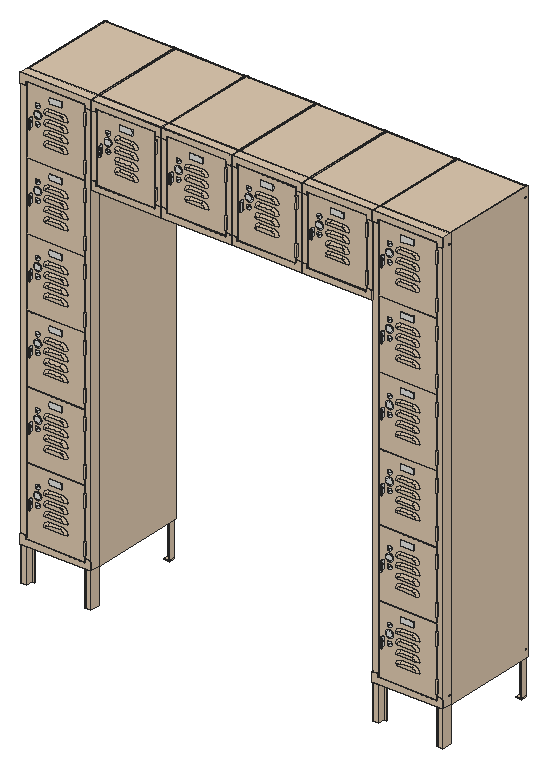
Revit family "Metal_Lockers-Salsbury_Industries-66000_Series-Bridge_Unit", category Specialty Equipment, Revit 2016 (continued)
Dimensions and locks (in)
  aligned and locked: Sweep 54 sketch curve to plane 18 "Back Edge of Front Facing"
  aligned and locked: plane 113 to Sweep 54 sketch curve
  aligned and locked: plane 114 to Sweep 54 sketch curve
  aligned and locked: plane 87 to Sweep 54 sketch curve
  aligned and locked: Sweep 54 sketch curve to plane 88
  aligned and locked: plane 108 to Sweep 54 sketch curve
  aligned and locked: Extrusion 45 sketch curve to plane 71
  aligned and locked: plane 116 to Extrusion 45 sketch curve
  aligned and locked: plane 117 to Extrusion 45 sketch curve
  aligned and locked: plane 72 to Extrusion 45 sketch curve  (x2)
  aligned and locked: plane 18 "Back Edge of Front Facing" to Extrusion 45 sketch curve
  aligned and locked: Extrusion 45 sketch curve to plane 119
  aligned and locked: Extrusion 45 sketch curve to plane 120
  aligned and locked: plane 148 to Extrusion 45
  aligned and locked: plane 62 "Bottom of Door Opening-Horiztonal" to Extrusion 45
  aligned and locked: plane 71 to Sweep 44 sketch curve
  aligned and locked: plane 120 to Sweep 44 sketch curve
  aligned and locked: Sweep 44 sketch curve to plane 72  (x2)
  aligned and locked: plane 119 to Sweep 44 sketch curve
  aligned and locked: Sweep 44 sketch curve to plane 18 "Back Edge of Front Facing"
  aligned and locked: Sweep 44 sketch curve to plane 116  (x2)
  aligned and locked: Sweep 44 sketch curve to plane 117
  aligned and locked: plane 148 to Sweep 44 sketch curve
  aligned and locked: Sweep 44 sketch curve to plane 149
  aligned and locked: plane 117 to Sweep 44 sketch curve
  aligned and locked: Extrusion 52 sketch curve to plane 71
  aligned and locked: Extrusion 52 sketch curve to plane 114
  aligned and locked: plane 72 to Extrusion 52 sketch curve  (x2)
  aligned and locked: Extrusion 52 sketch curve to plane 113
  aligned and locked: plane 18 "Back Edge of Front Facing" to Extrusion 52 sketch curve
  aligned and locked: plane 107 to Extrusion 52 sketch curve
  aligned and locked: plane 108 to Extrusion 52 sketch curve
  aligned and locked: plane 148 to Extrusion 52
  aligned and locked: plane 62 "Bottom of Door Opening-Horiztonal" to Extrusion 52
  aligned and locked: plane 71 to Sweep 51 sketch curve
  aligned and locked: Sweep 51 sketch curve to plane 108
  aligned and locked: Sweep 51 sketch curve to plane 72  (x2)
  aligned and locked: Sweep 51 sketch curve to plane 107  (x2)
  aligned and locked: Sweep 51 sketch curve to plane 18 "Back Edge of Front Facing"
  aligned and locked: plane 113 to Sweep 51 sketch curve
  aligned and locked: plane 114 to Sweep 51 sketch curve
  aligned and locked: plane 148 to Sweep 51 sketch curve
  aligned and locked: Sweep 51 sketch curve to plane 149
  aligned and locked: plane 108 to Sweep 51 sketch curve
  aligned and locked: plane 9 "Back of Unit" to curve 9
  aligned and locked: plane 18 "Back Edge of Front Facing" to curve 9
  aligned and locked: plane 18 "Back Edge of Front Facing" to curve 7
  aligned and locked: plane 9 "Back of Unit" to curve 7
  aligned and locked: plane 9 "Back of Unit" to curve 3
  aligned and locked: plane 18 "Back Edge of Front Facing" to curve 5
  aligned and locked: plane 9 "Back of Unit" to curve 5
  aligned and locked: plane 6 "Top of Unit" to curve 5
  aligned and locked: plane 61 "Bottom of Horizontal Section" to curve 8
  aligned and locked: plane 61 "Bottom of Horizontal Section" to curve 6
  aligned and locked: plane 6 "Top of Unit" to curve 6
  aligned and locked: plane 6 "Top of Unit" to curve 2
  aligned and locked: plane 61 "Bottom of Horizontal Section" to curve 2
  aligned and locked: plane 61 "Bottom of Horizontal Section" to curve 4
  aligned and locked: plane 6 "Top of Unit" to curve 4
  aligned and locked: curve 12 to plane 5 "Bottom of Unit"
  aligned and locked: plane 6 "Top of Unit" to curve 10
  aligned and locked: curve 16 to plane 5 "Bottom of Unit"
  aligned and locked: curve 15 to plane 52 "Left Side of Unit 2"
  aligned and locked: plane 8 "Right Side of Unit" to curve 17
  aligned and locked: plane 6 "Top of Unit" to curve 14
  aligned and locked: plane 51 "Right Side of Unit 1" to curve 18
  aligned and locked: plane 6 "Top of Unit" to curve 18
  aligned and locked: curve 19 to plane 61 "Bottom of Horizontal Section"
  aligned and locked: curve 22 to plane 139
  aligned and locked: plane 64 to curve 23
  aligned and locked: plane 80 to curve 20
  aligned and locked: curve 21 to plane 15 "Left Side of Door Opening"
  aligned and locked: plane 7 "Left Side of Unit" to curve 24
  aligned and locked: curve 24 to plane 79
  aligned and locked: curve 25 to Blend 17
  aligned and locked: plane 7 "Left Side of Unit" to curve 26
  aligned and locked: plane 15 "Left Side of Door Opening" to curve 28
  aligned and locked: curve 28 to plane 138
  aligned and locked: curve 29 to Blend 15
  aligned and locked: curve 32 to plane 138
  aligned and locked: plane 64 to curve 33
  aligned and locked: plane 79 to curve 33
  aligned and locked: plane 54 to curve 34
  aligned and locked: plane 51 "Right Side of Unit 1" to curve 34
  aligned and locked: curve 34 to plane 140
  aligned and locked: curve 36 to plane 54
  aligned and locked: plane 80 to curve 35
  aligned and locked: plane 62 "Bottom of Door Opening-Horiztonal" to curve 37
  aligned and locked: curve 38 to plane 150
  aligned and locked: curve 40 to plane 55
  aligned and locked: plane 80 to curve 39
  aligned and locked: plane 62 "Bottom of Door Opening-Horiztonal" to curve 41
  aligned and locked: curve 42 to plane 151
  aligned and locked: curve 44 to plane 57
  aligned and locked: plane 80 to curve 43
  aligned and locked: plane 62 "Bottom of Door Opening-Horiztonal" to curve 45
  aligned and locked: curve 46 to plane 152
  aligned and locked: plane 80 to curve 47
  aligned and locked: curve 48 to plane 59
  aligned and locked: plane 62 "Bottom of Door Opening-Horiztonal" to curve 49
  aligned and locked: curve 50 to plane 153
  aligned and locked: plane 55 to curve 51
  aligned and locked: plane 150 to curve 51
  aligned and locked: curve 51 to plane 140
  aligned and locked: curve 52 to plane 79
  aligned and locked: curve 53 to plane 151
  aligned and locked: curve 53 to plane 79
  aligned and locked: curve 54 to plane 140
  aligned and locked: curve 55 to plane 152
  aligned and locked: plane 59 to curve 55
  aligned and locked: curve 55 to plane 140
  aligned and locked: curve 56 to plane 79
  aligned and locked: plane 153 to curve 57
  aligned and locked: curve 57 to plane 140
  aligned and locked: plane 154 to curve 58
  aligned and locked: curve 58 to plane 79
  aligned and locked: plane 80 to curve 59
  aligned and locked: curve 61 to plane 86
  aligned and locked: plane 14 "Right Side of Door Opening" to curve 62
  aligned and locked: plane 14 "Right Side of Door Opening" to curve 63
  aligned and locked: plane 8 "Right Side of Unit" to curve 63
  aligned and locked: curve 63 to plane 85
  aligned and locked: curve 64 to plane 79
  aligned and locked: plane 52 "Left Side of Unit 2" to curve 65
  aligned and locked: curve 65 to plane 154
  aligned and locked: plane 85 to curve 65
  aligned and locked: curve 66 to plane 155
  aligned and locked: curve 67 to plane 156
  aligned and locked: curve 70 to plane 5 "Bottom of Unit"
  aligned and locked: plane 9 "Back of Unit" to curve 71
  aligned and locked: plane 6 "Top of Unit" to curve 68
  aligned and locked: curve 69 to plane 10 "Front of Unit"
  aligned and locked: plane 9 "Back of Unit" to curve 72
  aligned and locked: curve 73 to plane 7 "Left Side of Unit"
  aligned and locked: curve 74 to plane 19 "Front Plate Plane"
  aligned and locked: plane 8 "Right Side of Unit" to curve 75
  aligned and locked: curve 76 to Blend 16
  aligned and locked: curve 79 to Blend 15
  aligned and locked: curve 82 to Blend 11
  aligned and locked: curve 85 to Blend 13
  aligned and locked: plane 7 "Left Side of Unit" to curve 88
  aligned and locked: plane 8 "Right Side of Unit" to curve 88
  aligned and locked: plane 18 "Back Edge of Front Facing" to curve 3
  aligned and locked: plane 18 "Back Edge of Front Facing" to curve 89
  aligned and locked: plane 9 "Back of Unit" to curve 89
  aligned and locked: curve 89 to plane 51 "Right Side of Unit 1"
  aligned and locked: plane 4 "Floor" to nested 38
  aligned and locked: plane 10 "Front of Unit" to nested 38
  aligned and locked: plane 4 "Floor" to nested 39
  aligned and locked: plane 10 "Front of Unit" to nested 39
  aligned and locked: plane 7 "Left Side of Unit" to nested 38
  aligned and locked: nested 39 to plane 8 "Right Side of Unit"
  aligned and locked: plane 5 "Bottom of Unit" to nested 41
  aligned and locked: nested 41 to plane 9 "Back of Unit"
  aligned and locked: nested 41 to plane 8 "Right Side of Unit"
  aligned and locked: nested 40 to plane 51 "Right Side of Unit 1"
  aligned and locked: plane 5 "Bottom of Unit" to nested 40
  aligned and locked: plane 9 "Back of Unit" to nested 40
  aligned and locked: plane 5 "Bottom of Unit" to nested 42
  aligned and locked: plane 7 "Left Side of Unit" to nested 42
  aligned and locked: plane 9 "Back of Unit" to nested 42
  aligned and locked: plane 5 "Bottom of Unit" to nested 43
  aligned and locked: plane 52 "Left Side of Unit 2" to nested 43
  aligned and locked: plane 9 "Back of Unit" to nested 43
  aligned and locked: plane 2 to nested 44
  aligned and locked: plane 42 to nested 44
  aligned and locked: nested 44 to plane 18 "Back Edge of Front Facing"
  aligned and locked: plane 4 "Floor" to nested 45
  aligned and locked: nested 45 to plane 18 "Back Edge of Front Facing"
  aligned and locked: plane 41 to nested 45
Automatic sketch dimensions
  plane 20 "Horizontal Center of Top Rivets" to Extrusion 23 sketch curve = 0.02344"  (x4)
  Extrusion 23 sketch curve to Extrusion 23 sketch curve = 0.00009"
  Extrusion 23 sketch curve to Extrusion 23 sketch curve = 0.06851"
  plane 20 "Horizontal Center of Top Rivets" to Extrusion 25 sketch curve = 0.02344"  (x4)
  Extrusion 25 sketch curve to Extrusion 25 sketch curve = 0.00009"
  Extrusion 25 sketch curve to Extrusion 25 sketch curve = 0.06851"
  plane 18 "Back Edge of Front Facing" to Extrusion 39 sketch curve = 0.000"
  plane 8 "Right Side of Unit" to Extrusion 39 sketch curve = 0.12033"
  plane 22 "Vertical Center of Back Rivets" to Extrusion 39 sketch curve = 0.360"  (x2)
  Extrusion 39 sketch curve to plane 52 "Left Side of Unit 2" = 0.05967"
  plane 9 "Back of Unit" to Extrusion 39 sketch curve = 0.11781"
  Extrusion 39 sketch curve to Extrusion 39 sketch curve = 0.060"  (x2)
  Extrusion 73 sketch curve to plane 1 "Center (Front/Back)" = 0.000"
  Extrusion 73 sketch curve to plane 63 "Center or Coat Rod" = 0.000"
  Extrusion 72 sketch curve to plane 1 "Center (Front/Back)" = 0.000"
  Extrusion 72 sketch curve to plane 63 "Center or Coat Rod" = 0.000"
  plane 20 "Horizontal Center of Top Rivets" to Blend 17 sketch curve = 0.000"  (x2)
  Blend 17 sketch curve to plane 23 "Vertical Center of Front Rivets" = 0.000"  (x2)
  plane 20 "Horizontal Center of Top Rivets" to Extrusion 9 sketch curve = 0.02344"  (x4)
  Extrusion 9 sketch curve to Extrusion 9 sketch curve = 0.0686"
  plane 133 to Extrusion 9 sketch curve = 0.06851"
  plane 21 "Horiz Center of Bottom Rivets" to Extrusion 10 sketch curve = 0.02344"  (x4)
  Extrusion 10 sketch curve to Extrusion 10 sketch curve = 0.0686"
  Extrusion 10 sketch curve to plane 133 = 0.06851"
  plane 20 "Horizontal Center of Top Rivets" to Blend 11 sketch curve = 0.000"  (x2)
  Blend 11 sketch curve to plane 23 "Vertical Center of Front Rivets" = 0.000"  (x2)
  plane 21 "Horiz Center of Bottom Rivets" to Blend 12 sketch curve = 0.000"  (x2)
  Blend 12 sketch curve to plane 23 "Vertical Center of Front Rivets" = 0.000"  (x2)
  plane 21 "Horiz Center of Bottom Rivets" to Blend 15 sketch curve = 0.000"  (x2)
  Blend 15 sketch curve to plane 23 "Vertical Center of Front Rivets" = 0.000"  (x2)
  plane 19 "Front Plate Plane" to curve 1 = 0.000"
  plane 26 "Corner Filler Align-Left" to curve 1 = 22.500"
  curve 1 to plane 27 "Corner Filler Align-Right" = 21.25408"
  plane 20 "Horizontal Center of Top Rivets" to Extrusion 21 sketch curve = 0.02344"  (x4)
  Extrusion 21 sketch curve to Extrusion 21 sketch curve = 0.06851"
  plane 20 "Horizontal Center of Top Rivets" to Extrusion 27 sketch curve = 0.02344"  (x4)
  Extrusion 27 sketch curve to Extrusion 27 sketch curve = 0.00009"
  Extrusion 27 sketch curve to Extrusion 27 sketch curve = 0.06851"
  plane 20 "Horizontal Center of Top Rivets" to Extrusion 29 sketch curve = 0.02344"  (x4)
  Extrusion 29 sketch curve to Extrusion 29 sketch curve = 0.0686"
  Extrusion 29 sketch curve to plane 81 = 0.06851"
  Extrusion 30 sketch curve to plane 85 = 0.000"
  plane 21 "Horiz Center of Bottom Rivets" to Extrusion 30 sketch curve = 0.02344"  (x4)
  Extrusion 30 sketch curve to Extrusion 30 sketch curve = 0.0686"
  plane 81 to Extrusion 30 sketch curve = 0.06851"
  Extrusion 69 sketch curve to plane 1 "Center (Front/Back)" = 0.000"
  Extrusion 69 sketch curve to plane 63 "Center or Coat Rod" = 0.000"
  Extrusion 70 sketch curve to plane 1 "Center (Front/Back)" = 0.000"
  Extrusion 70 sketch curve to plane 63 "Center or Coat Rod" = 0.000"
  Extrusion 71 sketch curve to plane 1 "Center (Front/Back)" = 0.000"
  Extrusion 71 sketch curve to plane 63 "Center or Coat Rod" = 0.000"
  Extrusion 7 sketch curve to plane 105 = 0.000"
  plane 21 "Horiz Center of Bottom Rivets" to curve 31 = 0.05319"
  plane 85 to curve 29 = 0.03885"
  curve 27 to plane 79 = 0.03885"
  curve 25 to plane 20 "Horizontal Center of Top Rivets" = 0.05319"
  curve 31 to curve 29 = 0.13083"
  curve 30 to plane 85 = 0.09199"
  curve 27 to curve 24 = 0.09199"
  curve 25 to curve 26 = 0.13083"
  Blend 13 sketch curve to plane 21 "Horiz Center of Bottom Rivets" = 0.000"  (x2)
  Blend 13 sketch curve to plane 22 "Vertical Center of Back Rivets" = 0.000"  (x2)
  Blend 14 sketch curve to plane 20 "Horizontal Center of Top Rivets" = 0.000"  (x2)
  Blend 14 sketch curve to plane 22 "Vertical Center of Back Rivets" = 0.000"  (x2)
  plane 21 "Horiz Center of Bottom Rivets" to Blend 16 sketch curve = 0.000"  (x2)
  Blend 16 sketch curve to plane 22 "Vertical Center of Back Rivets" = 0.000"  (x2)
  plane 20 "Horizontal Center of Top Rivets" to Blend 18 sketch curve = 0.000"  (x2)
  Blend 18 sketch curve to plane 22 "Vertical Center of Back Rivets" = 0.000"  (x2)
  plane 49 "Vertical Divider 1 and 2" to curve 4 = 0.000"
  curve 2 to plane 3 "Center (Left/Right)" = 0.000"
  curve 6 to plane 6 "Top of Unit" = 0.000"
  plane 50 "Vertical Divider 2 and 3" to curve 6 = 0.000"
  plane 52 "Left Side of Unit 2" to curve 8 = 0.000"
  curve 8 to plane 61 "Bottom of Horizontal Section" = 0.000"
  curve 4 to plane 61 "Bottom of Horizontal Section" = 0.000"
  curve 6 to plane 61 "Bottom of Horizontal Section" = 0.000"
  curve 2 to plane 61 "Bottom of Horizontal Section" = 0.000"
  curve 4 to plane 6 "Top of Unit" = 0.000"
  curve 2 to plane 6 "Top of Unit" = 0.000"
  curve 8 to plane 6 "Top of Unit" = 0.02221"
  plane 69 "Compartment Align 1" to Extrusion 22 sketch curve = 0.02344"  (x4)
  Extrusion 22 sketch curve to Extrusion 22 sketch curve = 0.0686"
  Extrusion 22 sketch curve to plane 147 = 0.06851"
  plane 69 "Compartment Align 1" to Extrusion 24 sketch curve = 0.02344"  (x4)
  Extrusion 24 sketch curve to Extrusion 24 sketch curve = 0.0686"
  Extrusion 24 sketch curve to plane 142 = 0.06851"
  plane 69 "Compartment Align 1" to Extrusion 26 sketch curve = 0.02344"  (x4)
  Extrusion 26 sketch curve to Extrusion 26 sketch curve = 0.0686"
  Extrusion 26 sketch curve to plane 144 = 0.06851"
  plane 69 "Compartment Align 1" to Extrusion 28 sketch curve = 0.02344"  (x4)
  Extrusion 28 sketch curve to Extrusion 28 sketch curve = 0.0686"
  Extrusion 28 sketch curve to plane 146 = 0.06851"
  Extrusion 36 sketch curve to plane 78 = 0.000"
  Extrusion 36 sketch curve to plane 76 = 0.000"
  Sweep 77 sketch curve to profile plane = 0.000"
  Sweep 77 sketch curve to Sweep 77 sketch curve = 0.060"
  Sweep 77 sketch curve to Sweep 77 sketch curve = 0.73501"
  curve 5 to plane 49 "Vertical Divider 1 and 2" = 0.000"
  curve 3 to plane 3 "Center (Left/Right)" = 0.000"
  curve 7 to plane 50 "Vertical Divider 2 and 3" = 0.000"
  curve 9 to plane 52 "Left Side of Unit 2" = 0.000"
  curve 86 to plane 22 "Vertical Center of Back Rivets" = 0.05319"
  curve 76 to plane 22 "Vertical Center of Back Rivets" = 0.05319"
  plane 22 "Vertical Center of Back Rivets" to curve 76 = 0.05319"
  plane 22 "Vertical Center of Back Rivets" to curve 87 = 0.05319"
  curve 83 to plane 23 "Vertical Center of Front Rivets" = 0.05319"
  curve 79 to plane 23 "Vertical Center of Front Rivets" = 0.05319"
  plane 23 "Vertical Center of Front Rivets" to curve 84 = 0.05319"
  plane 23 "Vertical Center of Front Rivets" to curve 79 = 0.05319"
  curve 86 to curve 85 = 0.13083"
  curve 77 to curve 76 = 0.13083"
  curve 85 to curve 87 = 0.13083"
  curve 76 to curve 78 = 0.1395"
  curve 81 to curve 79 = 0.13271"
  curve 83 to curve 82 = 0.13191"
  curve 79 to curve 80 = 0.13083"
  curve 82 to curve 84 = 0.13083"
  radius of Extrusion 73 sketch curve = 1.000"
  radius of Extrusion 72 sketch curve = 0.530"
  radius of Blend 17 sketch curve = 0.187"
  radius of Blend 17 sketch curve = 0.05319"
  radius of Blend 11 sketch curve = 0.187"
  radius of Blend 11 sketch curve = 0.05319"
  radius of Blend 12 sketch curve = 0.187"
  radius of Blend 12 sketch curve = 0.05319"
  radius of Blend 15 sketch curve = 0.187"
  radius of Blend 15 sketch curve = 0.05319"
  radius of Extrusion 69 sketch curve = 0.500"
  radius of Extrusion 70 sketch curve = 0.530"
  radius of Extrusion 71 sketch curve = 1.000"
  radius of Blend 13 sketch curve = 0.187"
  radius of Blend 13 sketch curve = 0.05319"
  radius of Blend 14 sketch curve = 0.187"
  radius of Blend 14 sketch curve = 0.05319"
  radius of Blend 16 sketch curve = 0.187"
  radius of Blend 16 sketch curve = 0.05319"
  radius of Blend 18 sketch curve = 0.187"
  radius of Blend 18 sketch curve = 0.05319"
Nested families (in)
  nested 1: "Metal Locker Legs" at (-30.01683, 0, 0), type <- "Standard Leg Base", type "6" High - 12"W x 18"D - Bridge"
  nested 2: "Metal Locker Front Base" at (-30, -3, 0), type <- "Front Base", type "None"
  nested 3: "Metal Locker Right Side Base" at (30, 0.794, 0), type <- "Right Side Base", type "None"
  nested 4: "Metal Locker Left Side Base" at (-40.79, 0.794, 0), type <- "Left Side Base", type "None"
  nested 5: "Metal Locker End Panel" at (40.1925, -0.833, 6), type <- "End Panel - Right Side", type "None"
  nested 6: "Metal Locker End Panel" at (-40.1925, -0.833, 6) x (-1, 0, 0) z (0, 0, 1), type <- "End Panel - Left Side", type "None"
  nested 7: "Metal Locker Front Filler" at (48.155, -6.088, 0), type <- "Front Vertical Filler - Right", type "None"
  nested 8: "Metal Locker Front Filler" at (-38.965, -6.088, 0), type <- "Front Vertical Filler - Left", type "None"
  nested 9: "Metal Locker Flat Top Filler" at (48.155, -0.887, 77.045), type <- "Flat Top In-Line Filler - Right Side", type "None"
  nested 10: "Metal Locker Flat Top Filler" at (-38.965, -0.887, 77.045), type <- "Flat Top In-Line Filler - Left Side", type "None"
  nested 11: "Metal Locker Flat Corner Filler" at (46.3025, -1.2105, 78), type <- "Flat Top Corner Filler - Right Side", type "None"
  nested 12: "Metal Locker Flat Corner Filler" at (-46.3025, -1.2105, 78) x (-1, 0, 0) z (0, 0, 1), type <- "Flat Top Corner Filler - Left Side", type "None"
  nested 13: "Metal Locker Sloping Top Filler" at (48.155, -0.887, 78.028), type <- "Sloping Top In-Line Filler - Right Side", type "None"
  nested 14: "Metal Locker Sloping Top Filler" at (-38.965, -0.887, 78.028), type <- "Sloping Top In-Line Filler - Left Side", type "None"
  nested 15: "Metal Locker Sloping Corner Filler" at (43.9095, -4.9375, 77.71202) x (0, -1, 0) z (0, 0, 1), type <- "Sloping Top Corner Filler - Right Side", type "None"
  nested 16: "Metal Locker Sloping Corner Filler" at (-37.1475, 1.8245, 77.71223), type <- "Sloping Top Corner Filler - Left Side", type "None"
  nested 17: "Metal Locker Doors-12 inch with Latch Hasps" at (18.02717, -8.555, 65.33618), type <- "Door Location D4", type "Six Tier Door - 6 foot"
  nested 18: "Metal Locker Doors-12 inch with Latch Hasps" at (6.0205, -8.555, 65.33618), type <- "Door Location D3", type "Six Tier Door - 6 foot"
  nested 19: "Metal Locker Doors-12 inch with Latch Hasps" at (-5.98617, -8.555, 65.33618), type <- "Door Location D2", type "Six Tier Door - 6 foot"
  nested 20: "Metal Locker Doors-12 inch with Latch Hasps" at (-17.99283, -8.555, 65.33618), type "Six Tier Door - 6 foot"
  nested 21: "Metal Locker Doors-12 inch with Latch Hasps" at (-29.99979, -8.555, 7.09027), type <- "Door Location D6", type "Six Tier Door - 6 foot"
  nested 22: "Metal Locker Doors-12 inch with Latch Hasps" at (-29.99979, -8.555, 18.78985), type <- "Door Location D5", type "Six Tier Door - 6 foot"
  nested 23: "Metal Locker Doors-12 inch with Latch Hasps" at (-29.99979, -8.555, 30.42643), type <- "Door Location D4", type "Six Tier Door - 6 foot"
  nested 24: "Metal Locker Doors-12 inch with Latch Hasps" at (-29.99979, -8.555, 42.06301), type <- "Door Location D3", type "Six Tier Door - 6 foot"
  nested 25: "Metal Locker Doors-12 inch with Latch Hasps" at (-29.99979, -8.555, 53.6996), type <- "Door Location D2", type "Six Tier Door - 6 foot"
  nested 26: "Metal Locker Doors-12 inch with Latch Hasps" at (-29.99979, -8.555, 65.33618), type "Six Tier Door - 6 foot"
  nested 27: "Metal Locker Doors-12 inch with Latch Hasps" at (29.99976, -8.555, 7.09027), type <- "Door Location D6", type "Six Tier Door - 6 foot"
  nested 28: "Metal Locker Doors-12 inch with Latch Hasps" at (29.99976, -8.555, 18.78985), type <- "Door Location D5", type "Six Tier Door - 6 foot"
  nested 29: "Metal Locker Doors-12 inch with Latch Hasps" at (29.99976, -8.555, 30.42643), type <- "Door Location D4", type "Six Tier Door - 6 foot"
  nested 30: "Metal Locker Doors-12 inch with Latch Hasps" at (29.99976, -8.555, 42.06301), type <- "Door Location D3", type "Six Tier Door - 6 foot"
  nested 31: "Metal Locker Doors-12 inch with Latch Hasps" at (29.99976, -8.555, 53.6996), type <- "Door Location D2", type "Six Tier Door - 6 foot"
  nested 32: "Metal Locker Doors-12 inch with Latch Hasps" at (29.99976, -8.555, 65.33618), type "Six Tier Door - 6 foot"
  nested 33: "Metal Locker Front Base" at (30, -3, 0), type <- "Front Base", type "None"
  nested 34: "Metal Locker Legs" at (30.01683, 0, 0), type <- "Standard Leg Base", type "6" High - 12"W x 18"D - Bridge"
  nested 35: "Metal Locker Sloping Hood" at (4.595, 2.137, 78), type <- "Sloping Hood", type "None"
  nested 36: "Metal Locker Right Side Base" at (-30.03333, 0.794, 0), type <- "Right Side Base", type "None"
  nested 37: "Metal Locker Left Side Base" at (19.24333, 0.794, 0), type <- "Left Side Base", type "None"
  nested 38: "Metal Locker Zee Base" at (-30, -3, 0), type <- "Zee Base", type "None"
  nested 39: "Metal Locker Zee Base" at (30, -3, 0), type <- "Zee Base", type "None"
  nested 40: "Metal Locker Zee Base-Right Side" at (-30.00333, 3.824, 2), type <- "Zee Base - Right Side", type "None"
  nested 41: "Metal Locker Zee Base-Right Side" at (30.03, 3.824, 2), type <- "Zee Base - Right Side", type "None"
  nested 42: "Metal Locker Zee Base-Left Side" at (-38.01, 3.824, 2), type <- "Zee Base - Left Side", type "None"
  nested 43: "Metal Locker Zee Base-Left Side" at (22.02333, 3.824, 2), type <- "Zee Base - Left Side", type "None"
  nested 44: "Metal Locker Zee Base Corner" at (36.669, -8.417, 0), type <- "Zee Base Corner - Right Side", type "None"
  nested 45: "Metal Locker Zee Base Corner" at (-36.669, -8.417, 0) x (-1, 0, 0) z (0, 0, 1), type <- "Zee Base Corner - Left Side", type "None"
Definition of nested family "Metal Locker Legs"
  Parameters (values of type "6" High - 12"W x 18"D - Bridge")
    Width = 12.007"
    Visible = yes
    Version = "1.0 (11/30/15)"
    Type Comments = "Standard Metal Locker Legs - Bridge"
    Primary Structure Material = none
    Model = "n/a"
    MasterFormat Title = ""
    MasterFormat Number = ""
    Manufacturer = "Salsbury Industries"
    Description = "12\"W x 6\" H x 18\"D"
    Depth = 18.010"
    Height = 6.000"
    Assembly Code = ""
  Types (7): name | Width | Visible | Type Comments | Description | Depth
    6" High - 12" W x 12" D | 12.040" | yes | "Standard Metal Locker Legs" | "12\"W x 6\" H x 12\"D" | 12.010"
    6" High - 12" W x 15" D | 12.040" | yes | "Standard Metal Locker Legs" | "12\"W x 6\" H x 15\"D" | 15.010"
    6" High - 12"W x 18"D | 12.040" | yes | "Standard Metal Locker Legs" | "12\"W x 6\" H x 18\"D" | 18.010"
    6" High - 15"W x 15"D | 15.040" | yes | "Standard Metal Locker Legs" | "15\"W x 6\" H x 15\"D" | 15.010"
    6" High - 15"W x 18"D | 15.040" | yes | "Standard Metal Locker Legs" | "15\"W x 6\" H x 18\"D" | 18.010"
    No Legs | 12.040" | no | "No Legs" | "" | 12.010"
    6" High - 12"W x 18"D - Bridge | 12.007" | yes | "Standard Metal Locker Legs - Bridge" | "12\"W x 6\" H x 18\"D" | 18.010"
  Reference planes (in)
    plane 1 "Center (Front/Back)": y = 0
    plane 2: z = 0
    plane 3 "Center (Left/Right)": x = 0
    plane 4 "Floor": z = 0
    plane 5 "Bottom of Unit": z = 6
    plane 6 "Left Side of Unit": x = -6.0035
    plane 7 "Right Side of Unit": x = 6.0035
    plane 8 "Back of Unit": y = 9.005
    plane 9 "Front of Unit": y = -9.005
    plane 10 "Right Side of Door Opening": x = 5.0035
    plane 11 "Left Side of Door Opening": x = -5.0035
    plane 12 "Top of back legs": z = 6.185
    plane 13 "Back Edge of Front Facing": y = -7.417
    plane 14 "Inside Edge of Front Leg": x = -4.5635
    plane 15 "Inside Edge of Right Leg": x = 4.5635
    plane 16: y = -7.82
    plane 17 "Back Edge of Rear Legs": y = 8.895
    plane 18 "Right Edge of Rear Right Leg": x = 5.8835
    plane 19 "Left Edge or Rear Left Leg": x = -5.8835
    plane 20: y = 7.895
    plane 21 "Inside Edge or Rear Right Leg": x = 4.8835
    plane 22 "Inside Edge or Left Rear Leg": x = -4.8835
  Forms (in)
    Extrusion 1, solid, material <- "Primary Structure Material", visible <- "Visible"
      sketch origin (0, 0, 0) x (0, -1, 0) y (1, 0, 0)
        loop
          line (7.417, 6.0035) -> (7.417, 5.9435) -> (8.945, 5.9435) -> (8.945, 5.0635) -> (7.76, 5.0635) -> (7.76, 4.5635) -> (7.82, 4.5635) -> (7.82, 5.0035) -> (9.005, 5.0035) -> (9.005, 6.0035) -> (7.417, 6.0035)
      from 0 to 6
    Extrusion 2, solid, material <- "Primary Structure Material", visible <- "Visible"
      sketch origin (0, 0, 0) x (0, -1, 0) y (1, 0, 0)
        loop
          line (7.417, -6.0035) -> (9.005, -6.0035) -> (9.005, -5.0035) -> (7.82, -5.0035) -> (7.82, -4.5635) -> (7.76, -4.5635) -> (7.76, -5.0635) -> (8.945, -5.0635) -> (8.945, -5.9435) -> (7.417, -5.9435) -> (7.417, -6.0035)
      from 0 to 6
    Extrusion 3, solid, material <- "Primary Structure Material", visible <- "Visible"
      sketch origin (0, 0, 0) x (0, -1, 0) y (1, 0, 0)
        loop
          line (-8.895, 5.8835) -> (-8.895, 4.8835) -> (-8.835, 4.8835) -> (-8.835, 5.8235) -> (-7.895, 5.8235) -> (-7.895, 5.8835) -> (-8.895, 5.8835)
      from 0.06 to 6.185
    Extrusion 4, solid, material <- "Primary Structure Material", visible <- "Visible"
      sketch origin (0, 0, 0) x (0, -1, 0) y (1, 0, 0)
        loop
          line (-8.895, 5.8835) -> (-8.895, 4.8835) -> (-7.895, 4.8835) -> (-7.895, 5.8835) -> (-8.895, 5.8835)
      from 0 to 0.06
    Extrusion 5, solid, material <- "Primary Structure Material", visible <- "Visible"
      sketch origin (0, 0, 0) x (0, -1, 0) y (1, 0, 0)
        loop
          line (-8.895, -5.8835) -> (-7.895, -5.8835) -> (-7.895, -5.8235) -> (-8.835, -5.8235) -> (-8.835, -4.8835) -> (-8.895, -4.8835) -> (-8.895, -5.8835)
      from 0.06 to 6.185
    Extrusion 6, solid, material <- "Primary Structure Material", visible <- "Visible"
      sketch origin (0, 0, 0) x (0, -1, 0) y (1, 0, 0)
        loop
          line (-8.895, -5.8835) -> (-7.895, -5.8835) -> (-7.895, -4.8835) -> (-8.895, -4.8835) -> (-8.895, -5.8835)
      from 0 to 0.06
  Dimensions and locks (in)
    equal spacing: plane 6 "Left Side of Unit", plane 3 "Center (Left/Right)", plane 7 "Right Side of Unit"
    "Width": plane 6 "Left Side of Unit" to plane 7 "Right Side of Unit"
    "Height": plane 5 "Bottom of Unit" to plane 4 "Floor"
    equal spacing: plane 9 "Front of Unit", plane 1 "Center (Front/Back)", plane 8 "Back of Unit"
    "Depth": plane 9 "Front of Unit" to plane 8 "Back of Unit"
    plane 12 "Top of back legs" to plane 5 "Bottom of Unit" = 0.185"
    plane 6 "Left Side of Unit" to plane 11 "Left Side of Door Opening" = 1.000"
    plane 10 "Right Side of Door Opening" to plane 7 "Right Side of Unit" = 1.000"
    locked: plane 9 "Front of Unit" to plane 13 "Back Edge of Front Facing" at 1.588
    plane 11 "Left Side of Door Opening" to plane 14 "Inside Edge of Front Leg" = 0.440"
    plane 15 "Inside Edge of Right Leg" to plane 10 "Right Side of Door Opening" = 0.440"
    plane 9 "Front of Unit" to plane 16 = 1.185"
    plane 15 "Inside Edge of Right Leg" to plane 21 "Inside Edge or Rear Right Leg" to plane 10 "Right Side of Door Opening" to plane 18 "Right Edge of Rear Right Leg" to plane 7 "Right Side of Unit" = 0.320", 0.120", 0.880", 0.120"
    plane 6 "Left Side of Unit" to plane 19 "Left Edge or Rear Left Leg" to plane 11 "Left Side of Door Opening" to plane 22 "Inside Edge or Left Rear Leg" to plane 14 "Inside Edge of Front Leg" = 0.120", 0.880", 0.120", 0.320"
    plane 20 to plane 17 "Back Edge of Rear Legs" to plane 8 "Back of Unit" = 1.000", 0.110"
    aligned and locked: level to plane 2
    aligned and locked: Extrusion 3 to Extrusion 4
    aligned and locked: Extrusion 6 to Extrusion 5
    aligned and locked: Extrusion 3 to plane 18 "Right Edge of Rear Right Leg"
    aligned and locked: Extrusion 3 to plane 17 "Back Edge of Rear Legs"
    aligned and locked: Extrusion 5 to plane 19 "Left Edge or Rear Left Leg"
    aligned and locked: Extrusion 5 to plane 17 "Back Edge of Rear Legs"
    aligned and locked: Extrusion 2 to plane 5 "Bottom of Unit"
    aligned and locked: Extrusion 1 to plane 5 "Bottom of Unit"
    aligned and locked: Extrusion 3 to plane 12 "Top of back legs"
    aligned and locked: Extrusion 5 to plane 12 "Top of back legs"
  Automatic sketch dimensions
    plane 13 "Back Edge of Front Facing" to Extrusion 1 sketch curve = 0.000"
    Extrusion 1 sketch curve to plane 15 "Inside Edge of Right Leg" = 0.000"
    plane 16 to Extrusion 1 sketch curve = 0.000"
    Extrusion 1 sketch curve to plane 7 "Right Side of Unit" = 0.000"
    plane 9 "Front of Unit" to Extrusion 1 sketch curve = 0.000"
    Extrusion 1 sketch curve to plane 10 "Right Side of Door Opening" = 0.000"
    Extrusion 1 sketch curve to plane 16 = 0.060"
    Extrusion 1 sketch curve to plane 9 "Front of Unit" = 0.060"
    Extrusion 1 sketch curve to plane 10 "Right Side of Door Opening" = 0.060"
    plane 7 "Right Side of Unit" to Extrusion 1 sketch curve = 0.060"
    plane 13 "Back Edge of Front Facing" to Extrusion 2 sketch curve = 0.000"
    Extrusion 2 sketch curve to plane 14 "Inside Edge of Front Leg" = 0.000"
    plane 16 to Extrusion 2 sketch curve = 0.000"
    Extrusion 2 sketch curve to plane 6 "Left Side of Unit" = 0.000"
    plane 9 "Front of Unit" to Extrusion 2 sketch curve = 0.000"
    Extrusion 2 sketch curve to plane 11 "Left Side of Door Opening" = 0.000"
    plane 16 to Extrusion 2 sketch curve = 0.060"
    plane 9 "Front of Unit" to Extrusion 2 sketch curve = 0.060"
    Extrusion 2 sketch curve to plane 11 "Left Side of Door Opening" = 0.060"
    plane 6 "Left Side of Unit" to Extrusion 2 sketch curve = 0.060"
    plane 17 "Back Edge of Rear Legs" to Extrusion 3 sketch curve = 0.000"
    Extrusion 3 sketch curve to plane 21 "Inside Edge or Rear Right Leg" = 0.000"
    Extrusion 3 sketch curve to plane 18 "Right Edge of Rear Right Leg" = 0.000"
    plane 20 to Extrusion 3 sketch curve = 0.000"
    plane 17 "Back Edge of Rear Legs" to Extrusion 3 sketch curve = 0.060"
    plane 18 "Right Edge of Rear Right Leg" to Extrusion 3 sketch curve = 0.060"
    plane 17 "Back Edge of Rear Legs" to Extrusion 4 sketch curve = 0.000"
    Extrusion 4 sketch curve to plane 18 "Right Edge of Rear Right Leg" = 0.000"
    plane 20 to Extrusion 4 sketch curve = 0.000"
    Extrusion 4 sketch curve to plane 21 "Inside Edge or Rear Right Leg" = 0.000"
    plane 17 "Back Edge of Rear Legs" to Extrusion 5 sketch curve = 0.000"
    Extrusion 5 sketch curve to plane 22 "Inside Edge or Left Rear Leg" = 0.000"
    Extrusion 5 sketch curve to plane 19 "Left Edge or Rear Left Leg" = 0.000"
    plane 20 to Extrusion 5 sketch curve = 0.000"
    Extrusion 5 sketch curve to plane 17 "Back Edge of Rear Legs" = 0.060"
    Extrusion 5 sketch curve to plane 19 "Left Edge or Rear Left Leg" = 0.060"
    plane 17 "Back Edge of Rear Legs" to Extrusion 6 sketch curve = 0.000"
    Extrusion 6 sketch curve to plane 19 "Left Edge or Rear Left Leg" = 0.000"
    plane 20 to Extrusion 6 sketch curve = 0.000"
    Extrusion 6 sketch curve to plane 22 "Inside Edge or Left Rear Leg" = 0.000"
Definition of nested family "Metal Locker Doors-12 inch with Latch Hasps"
  Parameters (values of type "Six Tier Door - 6 foot")
    Width = 9.901"
    Visible = yes
    Primary Structure Material = none
    Louver Set Vertical Alignment = 2.731"
    Number Plate Alignment = 0.9375"
    Louver Width = 4.000"
    Hinge 2 Placement = 8.449"
    Hinge 1 Placement = 1.125"
    Height = 11.532"
    Hasp Plate Rivet Material = none
    Hasp Height = 1.438"
    Depth = 0.900"
  Types (4): name | Louver Set Vertical Alignment | Hinge 2 Placement | Height
    Four Tier Door - 6 foot | 5.710" | 14.142" | 17.360"
    Four Tier Door - 5 foot | 4.240" | 11.142" | 14.360"
    Five Tier Door - 5 foot | 2.826" | 8.188" | 11.463"
    Six Tier Door - 6 foot | 2.731" | 8.449" | 11.532"
  Reference planes (in)
    plane 1 "Center (Front/Back)": y = 0
    plane 2 "Bottom of Door": z = 0
    plane 3 "Center (Left/Right)": x = 0
    plane 4 "Center (Top/Bottom)": z = 5.766
    plane 5 "Top of Door": z = 11.532
    plane 6 "Right Side of Door": x = 4.9505
    plane 7 "Left Side of Door": x = -4.9505
    plane 8 "Front of Door": y = -0.45
    plane 9 "Back of Door": y = 0.45
    plane 10 "Top of Number Plate": z = 10.5945
    plane 11 "Top of Top Vent 1": z = 8.801
    plane 12 "Top of Top Vent 2": z = 7.176
    plane 13 "Top of Top Vent 3": z = 5.551
    plane 14 "Top of Top Vent 4": z = 3.926
    plane 15 "Top of Hasp Alignment": z = 6.485
    plane 16 "Bottom of Hasp Alignment": z = 5.047
    plane 17 "Left Side of Louvers": x = -2
    plane 18 "Right Side of Louvers": x = 2
    plane 19 "Front of Louvers": y = -0.6375
    plane 20: x = -1.094
    plane 21: x = 1.094
    plane 22: z = 9.5945
    plane 23 "Center Hasp": x = -1.7755
    plane 24 "Top of Hinge 2": z = 3.083
    plane 25 "Top of Hinge 1": z = 10.407
    plane 26 "Left Hasp Hole Align": x = -4.263
    plane 27 "Right Hasp Hole Align": x = -4.013
    plane 28 "Center Hasp Stud Align": z = 7.18441
    plane 29 "Top Hasp Stud Align": z = 8.60282
    plane 30 "Vertical Hasp Stud Align": x = -3.076
    plane 31: z = 7.801
    plane 32: z = 6.176
    plane 33: z = 4.551
    plane 34: z = 2.926
    plane 35 "Vertical Center Hasp Align": x = -4.13777
    plane 36: y = -1.2625
  Forms (in)
    Extrusion 1, solid, material <- "Primary Structure Material", visible <- "Visible"
      sketch origin (0, 0, 0) x (1, 0, 0) y (0, 0, 1)
        loop
          line (-4.9505, 11.532) -> (-4.9505, 0) -> (4.9505, 0) -> (4.9505, 11.532) -> (-4.9505, 11.532)
      from -0.45 to 0.45
    Extrusion 2, solid, material <- "Hasp Plate Rivet Material", visible <- "Visible", detail levels medium+fine
      sketch origin (0, -0.45, 0) x (1, 0, 0) y (0, 0, 1)
        loop
          arc (-1.06847, 10.55895) -> (-1.10166, 10.09621) -> (-1.06847, 9.63347) r 3.2426
          arc (-1.06847, 9.63347) -> (0, 9.59472) -> (1.06847, 9.63347) r 14.75
          arc (1.06847, 9.63347) -> (1.10166, 10.09621) -> (1.06847, 10.55895) r 3.2426
          arc (1.06847, 10.55895) -> (0, 10.59799) -> (-1.06847, 10.55895) r 14.63753
      from 0 to 0.03497
    Extrusion 3, void
      sketch origin (-1.7755, -0.13281, 0.04687) x (0, 0, -1) y (0, -1, 0)
        loop
          circle (-5.44277, -0.16411) r 0.2
      from -0.163 to 0.163
    Extrusion 4, solid, material <- "Primary Structure Material", visible <- "Visible", detail levels medium+fine
      sketch origin (0, 0, 10.407) x (0, -1, 0) y (1, 0, 0)
        loop
          line (0.45, 4.9505) -> (0.575, 4.9505)
          arc (0.575, 4.9505) -> (0.7, 5.0755) -> (0.575, 5.2005) r 0.125
          line (0.575, 5.2005) -> (0.45, 5.2005) -> (0.45, 4.9505)
      from 0 to -2
    Extrusion 5, solid, material <- "Primary Structure Material", visible <- "Visible", detail levels medium+fine
      sketch origin (0, 0, 3.083) x (0, -1, 0) y (1, 0, 0)
        loop
          line (0.45, 4.9505) -> (0.575, 4.9505)
          arc (0.575, 4.9505) -> (0.7, 5.0755) -> (0.575, 5.2005) r 0.125
          line (0.575, 5.2005) -> (0.45, 5.2005) -> (0.45, 4.9505)
      from 0 to -2
    Extrusion 6, void
      sketch origin (0, -0.45, 0) x (1, 0, 0) y (0, 0, 1)
        loop
          line (-4.263, 6.485) -> (-4.263, 5.047) -> (-4.013, 5.047) -> (-4.013, 6.485) -> (-4.263, 6.485)
      from -0.9 to 0
    Blend 7, solid, material <- "Primary Structure Material", visible <- "Visible"
      base sketch origin (0.875, -0.45, 0.208) x (1, 0, 0) y (0, 0, 1)
        loop
          line (-2.875, 7.593) -> (1.125, 7.593)
          arc (1.125, 7.593) -> (0.83211, 8.30011) -> (0.125, 8.593) r 1
          line (0.125, 8.593) -> (-1.875, 8.593)
          arc (-1.875, 8.593) -> (-2.58211, 8.30011) -> (-2.875, 7.593) r 1
      top sketch origin (0.875, -0.6375, 0.208) x (1, 0, 0) y (0, 0, 1)
        loop
          line (-2.44242, 7.593) -> (0.69242, 7.593)
          arc (0.69242, 7.593) -> (0.52766, 7.99075) -> (0.12992, 8.1555) r 0.5625
          line (0.12992, 8.1555) -> (-1.87992, 8.1555)
          arc (-1.87992, 8.1555) -> (-2.27766, 7.99075) -> (-2.44242, 7.593) r 0.5625
      from 0 to 0
    Blend 8, solid, material <- "Primary Structure Material", visible <- "Visible"
      base sketch origin (0.875, -0.45, 1.652) x (1, 0, 0) y (0, 0, 1)
        loop
          line (-2.875, 4.524) -> (1.125, 4.524)
          arc (1.125, 4.524) -> (0.83211, 5.23111) -> (0.125, 5.524) r 1
          line (0.125, 5.524) -> (-1.875, 5.524)
          arc (-1.875, 5.524) -> (-2.58211, 5.23111) -> (-2.875, 4.524) r 1
      top sketch origin (0.875, -0.6375, 1.652) x (1, 0, 0) y (0, 0, 1)
        loop
          line (-2.43346, 4.524) -> (0.68346, 4.524)
          arc (0.68346, 4.524) -> (0.52224, 4.91321) -> (0.13303, 5.07443) r 0.55043
          line (0.13303, 5.07443) -> (-1.88303, 5.07443)
          arc (-1.88303, 5.07443) -> (-2.27224, 4.91321) -> (-2.43346, 4.524) r 0.55043
      from 0 to 0
    Blend 9, solid, material <- "Primary Structure Material", visible <- "Visible"
      base sketch origin (0.875, -0.45, -3.042) x (1, 0, 0) y (0, 0, 1)
        loop
          line (-2.875, 7.593) -> (1.125, 7.593)
          arc (1.125, 7.593) -> (0.83211, 8.30011) -> (0.125, 8.593) r 1
          line (0.125, 8.593) -> (-1.875, 8.593)
          arc (-1.875, 8.593) -> (-2.58211, 8.30011) -> (-2.875, 7.593) r 1
      top sketch origin (0.875, -0.6375, -3.042) x (1, 0, 0) y (0, 0, 1)
        loop
          line (-2.44242, 7.593) -> (0.58842, 7.593)
          arc (0.58842, 7.593) -> (0.45412, 7.91721) -> (0.12992, 8.0515) r 0.4585
          line (0.12992, 8.0515) -> (-1.98392, 8.0515)
          arc (-1.98392, 8.0515) -> (-2.30812, 7.91721) -> (-2.44242, 7.593) r 0.4585
      from 0 to 0
    Blend 10, solid, material <- "Primary Structure Material", visible <- "Visible"
      base sketch origin (0.875, -0.45, -1.598) x (1, 0, 0) y (0, 0, 1)
        loop
          line (-2.875, 4.524) -> (1.125, 4.524)
          arc (1.125, 4.524) -> (0.83211, 5.23111) -> (0.125, 5.524) r 1
          line (0.125, 5.524) -> (-1.875, 5.524)
          arc (-1.875, 5.524) -> (-2.58211, 5.23111) -> (-2.875, 4.524) r 1
      top sketch origin (0.875, -0.6375, -1.598) x (1, 0, 0) y (0, 0, 1)
        loop
          line (-2.43234, 4.524) -> (0.68234, 4.524)
          arc (0.68234, 4.524) -> (0.52129, 4.9128) -> (0.13249, 5.07385) r 0.54985
          line (0.13249, 5.07385) -> (-1.88249, 5.07385)
          arc (-1.88249, 5.07385) -> (-2.27129, 4.9128) -> (-2.43234, 4.524) r 0.54985
      from 0 to 0
    Blend 11, solid, material <- "Hasp Plate Rivet Material", visible <- "Visible", detail levels medium+fine
      base sketch origin (0, -0.45, 0) x (1, 0, 0) y (0, 0, 1)
        loop
          circle (-3.076, 5.766) r 0.375
      top sketch origin (0, -0.45, 0) x (1, 0, 0) y (0, 0, 1)
        loop
          circle (-3.076, 5.766) r 0.09706
      from 0 to 0.03497
    Blend 12, solid, material <- "Hasp Plate Rivet Material", visible <- "Visible", detail levels medium+fine
      base sketch origin (0, -0.45, 2.83682) x (1, 0, 0) y (0, 0, 1)
        loop
          circle (-3.076, 5.766) r 0.375
      top sketch origin (0, -0.45, 2.83682) x (1, 0, 0) y (0, 0, 1)
        loop
          circle (-3.076, 5.766) r 0.09706
      from 0 to 0.03497
    Blend 13, solid, material <- "Hasp Plate Rivet Material", visible <- "Visible", detail levels medium+fine
      base sketch origin (0, -0.45, -0.16841) x (1, 0, 0) y (0, 0, 1)
        loop
          circle (-3.076, 7.35282) r 0.625
      top sketch origin (0, -0.45, -0.16841) x (1, 0, 0) y (0, 0, 1)
        loop
          circle (-3.076, 7.35282) r 0.58088
      from 0 to 0.03497
    Extrusion 14, solid, material <- "Hasp Plate Rivet Material", visible <- "Visible"
      sketch origin (0, 0, 5.047) x (0, -1, 0) y (1, 0, 0)
        loop
          line (-0.45, -4.07527) -> (-0.45, -4.13777) -> (1.2, -4.13777)
          arc (1.2, -4.13777) -> (1.24419, -4.11946) -> (1.2625, -4.07527) r 0.0625
          line (1.2625, -4.07527) -> (1.2625, -3.76277) -> (1.20579, -3.76277) -> (1.20579, -4.0127)
          arc (1.20579, -4.0127) -> (1.18746, -4.05694) -> (1.14322, -4.07527) r 0.06257
          line (1.14322, -4.07527) -> (-0.45, -4.07527)
      from 0 to 1.438
    Extrusion 15, solid, material <- "Hasp Plate Rivet Material", visible <- "Visible"
      sketch origin (0, 0, 5.047) x (0, -1, 0) y (1, 0, 0)
        loop
          line (-0.45, -4.20027) -> (1.2625, -4.20027) -> (1.2625, -4.13777) -> (-0.45, -4.13777) -> (-0.45, -4.20027)
      from 0 to 1.438
    Extrusion 16, void
      sketch origin (-4.013, 0, 0) x (0, 0, -1) y (0, -1, 0)
        loop
          circle (-5.766, 0.82219) r 0.375
      from 0 to 0.25
  Cuts and joins
    Extrusion 3, Extrusion 6 cuts Extrusion 1
    Extrusion 16 cuts Extrusion 14
    Extrusion 16 cuts Extrusion 15
  Lines and regions (in)
    symbolic lines
      curve 1: arc (-2, -0.45, 7.801) -> (-1.70711, -0.45, 8.50811) -> (-1, -0.45, 8.801) r 1
      curve 2: arc (2, -0.45, 7.801) -> (1.70711, -0.45, 8.50811) -> (1, -0.45, 8.801) r 1
      curve 3: arc (2, -0.45, 6.176) -> (1.70711, -0.45, 6.88311) -> (1, -0.45, 7.176) r 1
      curve 4: arc (-2, -0.45, 6.176) -> (-1.70711, -0.45, 6.88311) -> (-1, -0.45, 7.176) r 1
      curve 5: arc (2, -0.45, 4.551) -> (1.70711, -0.45, 5.25811) -> (1, -0.45, 5.551) r 1
      curve 6: arc (-2, -0.45, 4.551) -> (-1.70711, -0.45, 5.25811) -> (-1, -0.45, 5.551) r 1
      curve 7: arc (-2, -0.45, 2.926) -> (-1.70711, -0.45, 3.63311) -> (-1, -0.45, 3.926) r 1
      curve 8: arc (2, -0.45, 2.926) -> (1.70711, -0.45, 3.63311) -> (1, -0.45, 3.926) r 1
      curve 9: line (-2, -0.45, 2.926) -> (2, -0.45, 2.926)
      curve 10: line (1, -0.45, 3.926) -> (-1, -0.45, 3.926)
      curve 11: line (-2, -0.45, 4.551) -> (2, -0.45, 4.551)
      curve 12: line (1, -0.45, 5.551) -> (-1, -0.45, 5.551)
      curve 13: line (1, -0.45, 7.176) -> (-1, -0.45, 7.176)
      curve 14: line (-2, -0.45, 6.176) -> (2, -0.45, 6.176)
      curve 15: line (2, -0.45, 7.801) -> (-2, -0.45, 7.801)
      curve 16: line (1, -0.45, 8.801) -> (-1, -0.45, 8.801)
      curve 17: circle (-3.076, -0.45, 7.18441) r 0.625 normal (0, -1, 0)
      curve 18: circle (-3.076, -0.45, 8.60282) r 0.375 normal (0, -1, 0)
      curve 19: circle (-3.076, -0.45, 5.766) r 0.375 normal (0, -1, 0)
      curve 20: line (-4.263, -0.45, 6.485) -> (-3.76277, -0.45, 6.485)
      curve 21: line (-4.263, -0.45, 5.047) -> (-4.263, -0.45, 6.485)
      curve 22: line (-3.76277, -0.45, 5.047) -> (-4.263, -0.45, 5.047)
      curve 23: line (-3.76277, -0.45, 6.485) -> (-3.76277, -0.45, 5.047)
      curve 24: line (-4.20027, -0.44719, 5.047) -> (-4.20027, -1.2625, 5.047)
      curve 25: line (-4.20027, -1.2625, 5.047) -> (-3.76277, -1.2625, 5.047)
      curve 26: line (-3.76277, -1.2625, 5.047) -> (-3.76277, -1.20579, 5.047)
      curve 27: line (-3.76277, -1.20579, 5.047) -> (-4.0127, -1.20579, 5.047)
      curve 28: arc (-4.0127, -1.20579, 5.047) -> (-4.05694, -1.18746, 5.047) -> (-4.07527, -1.14322, 5.047) r 0.06257
      curve 29: line (-4.07527, -1.14322, 5.047) -> (-4.07527, -0.44719, 5.047)
      curve 30: line (-1.56742, -0.6375, 5.047) -> (-2, -0.45, 5.047)
      curve 31: line (1.55734, -0.6375, 5.047) -> (2.0161, -0.43865, 5.047)
      curve 32: line (1.55734, -0.6375, 5.047) -> (-1.56742, -0.6375, 5.047)
      curve 33: line (-4.9505, -0.45, 11.532) -> (4.9505, -0.45, 11.532)
      curve 34: line (-4.9505, -0.45, 0) -> (-4.9505, -0.45, 11.532)
      curve 35: line (4.9505, -0.45, 0) -> (-4.9505, -0.45, 0)
      curve 36: line (4.9505, -0.45, 11.532) -> (4.9505, -0.45, 0)
      curve 37: line (0, -0.45, 6.485) -> (0, -1.2625, 6.485)
      curve 38: line (0, -0.45, 5.047) -> (0, -0.45, 6.485)
      curve 39: line (0, -1.2625, 5.047) -> (0, -0.45, 5.047)
      curve 40: line (0, -1.2625, 6.485) -> (0, -1.2625, 5.047)
      curve 41: circle (0, -0.82334, 5.766) r 0.372 normal (1, 0, 0)
  Dimensions and locks (in)
    equal spacing: plane 5 "Top of Door", plane 4 "Center (Top/Bottom)", plane 2 "Bottom of Door"
    "Height": plane 5 "Top of Door" to plane 2 "Bottom of Door"
    equal spacing: plane 8 "Front of Door", plane 1 "Center (Front/Back)", plane 9 "Back of Door"
    "Depth": plane 8 "Front of Door" to plane 9 "Back of Door"
    equal spacing: plane 7 "Left Side of Door", plane 3 "Center (Left/Right)", plane 6 "Right Side of Door"
    "Width": plane 7 "Left Side of Door" to plane 6 "Right Side of Door"
    "Number Plate Alignment": plane 5 "Top of Door" to plane 10 "Top of Number Plate" to plane 22
    equal spacing: plane 17 "Left Side of Louvers", plane 3 "Center (Left/Right)", plane 18 "Right Side of Louvers"
    "Louver Width": plane 17 "Left Side of Louvers" to plane 18 "Right Side of Louvers"
    "Louver Set Vertical Alignment": plane 5 "Top of Door" to plane 11 "Top of Top Vent 1"
    plane 11 "Top of Top Vent 1" to plane 12 "Top of Top Vent 2" to plane 13 "Top of Top Vent 3" to plane 14 "Top of Top Vent 4" = 1.625", 1.625", 1.625"
    plane 29 "Top Hasp Stud Align" to plane 28 "Center Hasp Stud Align" to plane 15 "Top of Hasp Alignment" to plane 4 "Center (Top/Bottom)" to plane 16 "Bottom of Hasp Alignment" = 1.41841", 0.69941", 0.719", 0.719"
    "Hasp Height": plane 15 "Top of Hasp Alignment" to plane 16 "Bottom of Hasp Alignment"
    locked: plane 19 "Front of Louvers" to plane 8 "Front of Door" at 0.1875
    plane 20 to plane 3 "Center (Left/Right)" to plane 21 = 1.094" locked, 1.094" locked
    "Hinge 1 Placement": plane 5 "Top of Door" to plane 25 "Top of Hinge 1"
    "Hinge 2 Placement": plane 5 "Top of Door" to plane 24 "Top of Hinge 2"
    plane 7 "Left Side of Door" to plane 26 "Left Hasp Hole Align" to plane 27 "Right Hasp Hole Align" to plane 30 "Vertical Hasp Stud Align" = 0.6875" locked, 0.250" locked, 0.937" locked
    plane 11 "Top of Top Vent 1" to plane 31 = 1.000"
    plane 12 "Top of Top Vent 2" to plane 32 = 1.000"
    plane 13 "Top of Top Vent 3" to plane 33 = 1.000"
    plane 14 "Top of Top Vent 4" to plane 34 = 1.000"
    plane 19 "Front of Louvers" to plane 36 = 0.625"
    aligned and locked: level to plane 2 "Bottom of Door"
    aligned and locked: plane 5 "Top of Door" to Extrusion 1 sketch curve
    aligned and locked: Extrusion 1 sketch curve to plane 7 "Left Side of Door"
    aligned and locked: plane 2 "Bottom of Door" to Extrusion 1 sketch curve
    aligned and locked: plane 6 "Right Side of Door" to Extrusion 1 sketch curve
    aligned and locked: plane 15 "Top of Hasp Alignment" to Extrusion 6 sketch curve
    aligned and locked: Extrusion 6 sketch curve to plane 26 "Left Hasp Hole Align"
    aligned and locked: Extrusion 6 sketch curve to plane 16 "Bottom of Hasp Alignment"
    aligned and locked: plane 27 "Right Hasp Hole Align" to Extrusion 6 sketch curve
    aligned and locked: plane 11 "Top of Top Vent 1" to Blend 7
    aligned and locked: plane 12 "Top of Top Vent 2" to Blend 8
    aligned and locked: plane 13 "Top of Top Vent 3" to Blend 9
    aligned and locked: plane 14 "Top of Top Vent 4" to Blend 10
    aligned and locked: plane 31 to Blend 7
    aligned and locked: Blend 7 sketch curve to plane 11 "Top of Top Vent 1"
    aligned and locked: plane 31 to Blend 7 sketch curve  (x2)
    aligned and locked: Blend 8 sketch curve to plane 12 "Top of Top Vent 2"
    aligned and locked: plane 32 to Blend 8 sketch curve  (x2)
    aligned and locked: Blend 9 sketch curve to plane 13 "Top of Top Vent 3"
    aligned and locked: plane 33 to Blend 9 sketch curve  (x2)
    aligned and locked: Blend 10 sketch curve to plane 14 "Top of Top Vent 4"
    aligned and locked: plane 34 to Blend 10 sketch curve  (x2)
    aligned and locked: plane 29 "Top Hasp Stud Align" to Blend 12 sketch curve  (x2)
    aligned and locked: plane 4 "Center (Top/Bottom)" to Blend 11 sketch curve  (x2)
    aligned and locked: plane 28 "Center Hasp Stud Align" to Blend 13 sketch curve  (x2)
    aligned and locked: plane 35 "Vertical Center Hasp Align" to Extrusion 15 sketch curve
    aligned and locked: plane 35 "Vertical Center Hasp Align" to Extrusion 14 sketch curve
    aligned and locked: plane 4 "Center (Top/Bottom)" to Extrusion 16 sketch curve
    aligned and locked: curve 1 to Blend 7  (x2)
    aligned and locked: Blend 7 to curve 2  (x2)
    aligned and locked: curve 3 to Blend 8
    aligned and locked: Blend 8 to curve 3
    aligned and locked: curve 4 to Blend 8
    aligned and locked: curve 5 to Blend 9
    aligned and locked: Blend 9 to curve 5
    aligned and locked: Blend 9 to curve 6
    aligned and locked: curve 6 to Blend 9
    aligned and locked: curve 7 to Blend 10
    aligned and locked: curve 8 to Blend 10
    aligned and locked: curve 9 to Blend 10
    aligned and locked: curve 10 to Blend 10
    aligned and locked: curve 14 to Blend 8
    aligned and locked: curve 20 to cut or joined group of Extrusion 1, Extrusion 3, Extrusion 6
    aligned and locked: curve 21 to cut or joined group of Extrusion 1, Extrusion 3, Extrusion 6
    aligned and locked: curve 22 to cut or joined group of Extrusion 14, Extrusion 16
    aligned and locked: curve 23 to cut or joined group of Extrusion 14, Extrusion 16
    aligned and locked: curve 24 to cut or joined group of Extrusion 15, Extrusion 16
    aligned and locked: curve 25 to cut or joined group of Extrusion 15, Extrusion 16
    aligned and locked: curve 26 to cut or joined group of Extrusion 14, Extrusion 16
    aligned and locked: curve 27 to cut or joined group of Extrusion 14, Extrusion 16
    aligned and locked: curve 28 to cut or joined group of Extrusion 14, Extrusion 16
    aligned and locked: curve 33 to cut or joined group of Extrusion 1, Extrusion 3, Extrusion 6
    aligned and locked: curve 34 to cut or joined group of Extrusion 1, Extrusion 3, Extrusion 6
    aligned and locked: curve 35 to cut or joined group of Extrusion 1, Extrusion 3, Extrusion 6
    aligned and locked: curve 36 to cut or joined group of Extrusion 1, Extrusion 3, Extrusion 6
    aligned and locked: plane 15 "Top of Hasp Alignment" to curve 37
    aligned and locked: plane 8 "Front of Door" to curve 38
    aligned and locked: curve 39 to plane 16 "Bottom of Hasp Alignment"
    aligned and locked: plane 36 to curve 40
  Automatic sketch dimensions
    Extrusion 2 sketch curve to plane 3 "Center (Left/Right)" = 0.000"  (x2)
    plane 17 "Left Side of Louvers" to Extrusion 2 sketch curve = 0.14094"
    Extrusion 2 sketch curve to plane 18 "Right Side of Louvers" = 0.14094"
    Extrusion 2 sketch curve to level = 4.03954"
    plane 25 "Top of Hinge 1" to Extrusion 2 sketch curve = 0.31079"  (x2)
    Extrusion 2 sketch curve to plane 5 "Top of Door" = 12.81272"
    Extrusion 2 sketch curve to plane 20 = 0.02553"  (x2)
    plane 21 to Extrusion 2 sketch curve = 0.02553"
    Extrusion 2 sketch curve to plane 22 = 0.03897"
    plane 13 "Top of Top Vent 3" to Extrusion 3 sketch curve = 0.06135"
    Extrusion 3 sketch curve to plane 1 "Center (Front/Back)" = 0.0313"
    Extrusion 4 sketch curve to plane 6 "Right Side of Door" = 0.000"
    plane 8 "Front of Door" to Extrusion 4 sketch curve = 0.000"
    Extrusion 4 sketch curve to plane 19 "Front of Louvers" = 0.0625"
    Extrusion 4 sketch curve to plane 6 "Right Side of Door" = 0.125"
    Extrusion 5 sketch curve to plane 6 "Right Side of Door" = 0.000"
    plane 8 "Front of Door" to Extrusion 5 sketch curve = 0.000"
    Extrusion 5 sketch curve to plane 19 "Front of Louvers" = 0.0625"
    Extrusion 5 sketch curve to plane 6 "Right Side of Door" = 0.125"
    plane 17 "Left Side of Louvers" to Blend 7 sketch curve = 0.000"
    plane 18 "Right Side of Louvers" to Blend 7 sketch curve = 0.000"
    Blend 7 sketch curve to plane 23 "Center Hasp" = 0.20808"
    Blend 7 sketch curve to plane 20 = 0.08908"
    plane 21 to Blend 7 sketch curve = 0.08908"
    plane 17 "Left Side of Louvers" to Blend 8 sketch curve = 0.000"
    plane 18 "Right Side of Louvers" to Blend 8 sketch curve = 0.000"
    Blend 8 sketch curve to plane 23 "Center Hasp" = 0.21704"
    Blend 8 sketch curve to plane 20 = 0.08597"
    plane 21 to Blend 8 sketch curve = 0.08597"
    plane 17 "Left Side of Louvers" to Blend 9 sketch curve = 0.000"
    plane 18 "Right Side of Louvers" to Blend 9 sketch curve = 0.000"
    Blend 9 sketch curve to plane 23 "Center Hasp" = 0.20808"
    plane 16 "Bottom of Hasp Alignment" to Blend 9 sketch curve = 0.0375"
    plane 21 to Blend 9 sketch curve = 0.08908"
    plane 17 "Left Side of Louvers" to Blend 10 sketch curve = 0.000"
    plane 18 "Right Side of Louvers" to Blend 10 sketch curve = 0.000"
    Blend 10 sketch curve to plane 23 "Center Hasp" = 0.21816"
    Blend 10 sketch curve to plane 20 = 0.08651"
    plane 21 to Blend 10 sketch curve = 0.08651"
    plane 30 "Vertical Hasp Stud Align" to Blend 11 sketch curve = 0.000"  (x2)
    plane 30 "Vertical Hasp Stud Align" to Blend 12 sketch curve = 0.000"  (x2)
    plane 30 "Vertical Hasp Stud Align" to Blend 13 sketch curve = 0.000"  (x2)
    Extrusion 14 sketch curve to plane 1 "Center (Front/Back)" = 0.450"
    plane 27 "Right Hasp Hole Align" to Extrusion 14 sketch curve = 0.06227"
    Extrusion 14 sketch curve to plane 27 "Right Hasp Hole Align" = 0.0003"
    plane 19 "Front of Louvers" to Extrusion 14 sketch curve = 0.50572"
    Extrusion 14 sketch curve to Extrusion 14 sketch curve = 0.05678"
    Extrusion 14 sketch curve to Extrusion 14 sketch curve = 0.24993"
    plane 9 "Back of Door" to Extrusion 15 sketch curve = 0.000"
    plane 19 "Front of Louvers" to Extrusion 15 sketch curve = 0.625"
    Extrusion 15 sketch curve to plane 26 "Left Hasp Hole Align" = 0.06273"
    Extrusion 14 sketch curve to Extrusion 14 sketch curve = 0.06257"
    plane 19 "Front of Louvers" to Extrusion 16 sketch curve = 0.18469"
    plane 8 "Front of Door" to curve 30 = 0.000"
    plane 19 "Front of Louvers" to curve 30 = 0.000"
    curve 30 to plane 17 "Left Side of Louvers" = 0.000"
    curve 29 to curve 27 = 0.06257"
    curve 24 to plane 8 "Front of Door" = 0.00281"
    curve 29 to plane 8 "Front of Door" = 0.00281"
    curve 31 to plane 8 "Front of Door" = 0.01135"
    curve 30 to plane 23 "Center Hasp" = 0.20808"
    plane 18 "Right Side of Louvers" to curve 32 = 0.44266"
    curve 31 to plane 18 "Right Side of Louvers" = 0.0161"
    curve 19 to plane 4 "Center (Top/Bottom)" = 0.000"
    plane 30 "Vertical Hasp Stud Align" to curve 19 = 0.000"
    curve 18 to plane 29 "Top Hasp Stud Align" = 0.000"
    plane 30 "Vertical Hasp Stud Align" to curve 18 = 0.000"
    curve 17 to plane 28 "Center Hasp Stud Align" = 0.000"
    plane 30 "Vertical Hasp Stud Align" to curve 17 = 0.000"
    plane 17 "Left Side of Louvers" to curve 6 = 0.000"
    plane 17 "Left Side of Louvers" to curve 9 = 0.000"
    plane 17 "Left Side of Louvers" to curve 15 = 0.000"
    plane 17 "Left Side of Louvers" to curve 4 = 0.000"
    plane 18 "Right Side of Louvers" to curve 8 = 0.000"
    plane 18 "Right Side of Louvers" to curve 3 = 0.000"
    plane 18 "Right Side of Louvers" to curve 11 = 0.000"
    plane 18 "Right Side of Louvers" to curve 15 = 0.000"
    plane 4 "Center (Top/Bottom)" to curve 41 = 0.000"
    plane 19 "Front of Louvers" to curve 41 = 0.18584"
    radius of Extrusion 3 sketch curve = 0.200"
    radius of Blend 11 sketch curve = 0.375"
    radius of Blend 11 sketch curve = 0.09706"
    radius of Blend 12 sketch curve = 0.375"
    radius of Blend 12 sketch curve = 0.09706"
    radius of Blend 13 sketch curve = 0.625"
    radius of Blend 13 sketch curve = 0.58088"
    radius of Extrusion 16 sketch curve = 0.375"
    radius of curve 17 = 0.625"
    radius of curve 18 = 0.375"
    radius of curve 19 = 0.375"
    radius of curve 41 = 0.372"
Definition of nested family "Metal Locker Front Base"
  Parameters (values of type "77742 - for 12" W Lockers with Legs")
    Width = 10.040"
    Visible [instance] = yes
    Version = "1.0 (11/30/15)"
    Type Comments = "Front Base for Standard Metal Lockers"
    Primary Structure Material = none
    Model = "77742"
    MasterFormat Title = ""
    MasterFormat Number = ""
